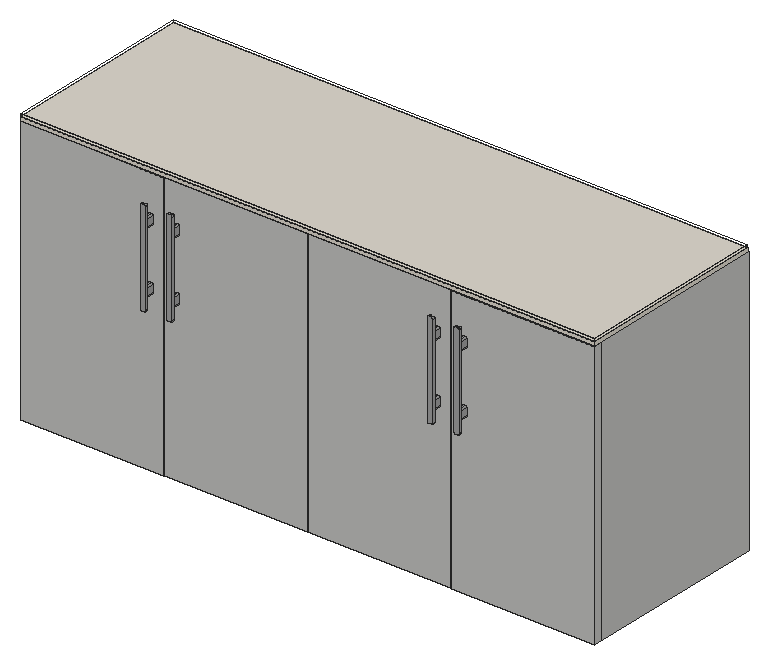
Revit family "Storage-Teknion-CWSC_Credenza_Closed_Cabinet-R2020", category Furniture, Revit 2020 (continued)
Dimensions and locks (in)
  Sweep 29 sketch curve to Sweep 29 sketch curve to Sweep 29 sketch curve to Sweep 29 sketch curve to Sweep 29 sketch curve to Sweep 29 sketch curve to Sweep 29 sketch curve to Sweep 29 sketch curve to Sweep 29 sketch curve to Sweep 29 sketch curve to Sweep 29 sketch curve to Sweep 29 sketch curve to plane 15 to Sweep 29 sketch curve to Sweep 29 sketch curve to Sweep 29 sketch curve to Sweep 29 sketch curve to Sweep 29 sketch curve to Sweep 29 sketch curve to Sweep 29 sketch curve to Sweep 29 sketch curve to Sweep 29 sketch curve to Sweep 29 sketch curve to Sweep 29 sketch curve to Sweep 29 sketch curve = 0.000" locked, 0.14311" locked, 0.000" locked, 0.000" locked, 0.000" locked, 0.11811" locked, 0.000" locked, 0.000" locked, 0.000" locked, 0.14311" locked, 0.000" locked, 1.17579" locked, 1.17579" locked, 0.000" locked, 0.14311" locked, 0.000" locked, 0.000" locked, 0.000" locked, 0.11811" locked, 0.000" locked, 0.000" locked, 0.000" locked, 0.14311" locked, 0.000" locked
  locked: Sweep 30 sketch curve to Sweep 30 sketch curve at 0.19031
  Sweep 30 sketch curve to Sweep 30 sketch curve to Sweep 30 sketch curve to Sweep 30 sketch curve to Sweep 30 sketch curve to Sweep 30 sketch curve to plane 16 to Sweep 30 sketch curve to Sweep 30 sketch curve to Sweep 30 sketch curve to Sweep 30 sketch curve to Sweep 30 sketch curve to Sweep 30 sketch curve = 0.1378" locked, 0.000" locked, 0.27559" locked, 0.000" locked, 0.1378" locked, 1.10327" locked, 1.10131" locked, 0.1378" locked, 0.000" locked, 0.27559" locked, 0.000" locked, 0.1378" locked
  plane 8 "Top" to Sweep 30 sketch curve to Sweep 30 sketch curve to Sweep 30 sketch curve to Sweep 30 sketch curve to Sweep 30 sketch curve to Sweep 30 sketch curve to Sweep 30 sketch curve to Sweep 30 sketch curve to Sweep 30 sketch curve to Sweep 30 sketch curve to Sweep 30 sketch curve to Sweep 30 sketch curve = 3.21717" locked, 0.000" locked, 0.1378" locked, 0.000" locked, 0.000" locked, 0.000" locked, 9.72441" locked, 0.000" locked, 0.000" locked, 0.000" locked, 0.1378" locked, 0.000" locked  (x3)
  plane 8 "Top" to Sweep 31 sketch curve to Sweep 31 sketch curve to Sweep 31 sketch curve to Sweep 31 sketch curve to Sweep 31 sketch curve to Sweep 31 sketch curve to Sweep 31 sketch curve to Sweep 31 sketch curve to Sweep 31 sketch curve to Sweep 31 sketch curve to Sweep 31 sketch curve to Sweep 31 sketch curve to Sweep 31 sketch curve to Sweep 31 sketch curve to Sweep 31 sketch curve to Sweep 31 sketch curve to Sweep 31 sketch curve to Sweep 31 sketch curve to Sweep 31 sketch curve to Sweep 31 sketch curve to Sweep 31 sketch curve to Sweep 31 sketch curve to Sweep 31 sketch curve to Sweep 31 sketch curve = 4.45201" locked, 0.000" locked, 0.14311" locked, 0.000" locked, 0.000" locked, 0.000" locked, 0.7874" locked, 0.000" locked, 0.000" locked, 0.000" locked, 0.14311" locked, 0.000" locked, 5.38338" locked, 0.000" locked, 0.14311" locked, 0.000" locked, 0.000" locked, 0.000" locked, 0.7874" locked, 0.000" locked, 0.000" locked, 0.000" locked, 0.14311" locked, 0.000" locked  (x3)
  Sweep 31 sketch curve to Sweep 31 sketch curve to Sweep 31 sketch curve to Sweep 31 sketch curve to Sweep 31 sketch curve to Sweep 31 sketch curve to Sweep 31 sketch curve to Sweep 31 sketch curve to Sweep 31 sketch curve to Sweep 31 sketch curve to Sweep 31 sketch curve to Sweep 31 sketch curve to plane 16 to Sweep 31 sketch curve to Sweep 31 sketch curve to Sweep 31 sketch curve to Sweep 31 sketch curve to Sweep 31 sketch curve to Sweep 31 sketch curve to Sweep 31 sketch curve to Sweep 31 sketch curve to Sweep 31 sketch curve to Sweep 31 sketch curve to Sweep 31 sketch curve to Sweep 31 sketch curve = 0.000" locked, 0.14311" locked, 0.000" locked, 0.000" locked, 0.000" locked, 0.11811" locked, 0.000" locked, 0.000" locked, 0.000" locked, 0.14311" locked, 0.000" locked, 1.17683" locked, 1.17474" locked, 0.000" locked, 0.14311" locked, 0.000" locked, 0.000" locked, 0.000" locked, 0.11811" locked, 0.000" locked, 0.000" locked, 0.000" locked, 0.14311" locked, 0.000" locked
  Sweep 30 sketch curve to Sweep 30 sketch curve to Sweep 30 sketch curve to Sweep 30 sketch curve to Sweep 30 sketch curve to Sweep 30 sketch curve to plane 17 to Sweep 30 sketch curve to Sweep 30 sketch curve to Sweep 30 sketch curve to Sweep 30 sketch curve to Sweep 30 sketch curve to Sweep 30 sketch curve = 0.1378" locked, 0.000" locked, 0.27559" locked, 0.000" locked, 0.1378" locked, 1.10327" locked, 1.10131" locked, 0.1378" locked, 0.000" locked, 0.27559" locked, 0.000" locked, 0.1378" locked
  Sweep 30 sketch curve to Sweep 30 sketch curve to Sweep 30 sketch curve to Sweep 30 sketch curve to Sweep 30 sketch curve to Sweep 30 sketch curve to plane 3 "Center Left/Right" to Sweep 30 sketch curve to Sweep 30 sketch curve to Sweep 30 sketch curve to Sweep 30 sketch curve to Sweep 30 sketch curve to Sweep 30 sketch curve = 0.1378" locked, 0.000" locked, 0.27559" locked, 0.000" locked, 0.1378" locked, 1.10327" locked, 1.10131" locked, 0.1378" locked, 0.000" locked, 0.27559" locked, 0.000" locked, 0.1378" locked
  Sweep 31 sketch curve to Sweep 31 sketch curve to Sweep 31 sketch curve to Sweep 31 sketch curve to Sweep 31 sketch curve to Sweep 31 sketch curve to Sweep 31 sketch curve to Sweep 31 sketch curve to Sweep 31 sketch curve to Sweep 31 sketch curve to Sweep 31 sketch curve to Sweep 31 sketch curve to plane 17 to Sweep 31 sketch curve to Sweep 31 sketch curve to Sweep 31 sketch curve to Sweep 31 sketch curve to Sweep 31 sketch curve to Sweep 31 sketch curve to Sweep 31 sketch curve to Sweep 31 sketch curve to Sweep 31 sketch curve to Sweep 31 sketch curve to Sweep 31 sketch curve to Sweep 31 sketch curve = 0.000" locked, 0.14311" locked, 0.000" locked, 0.000" locked, 0.000" locked, 0.11811" locked, 0.000" locked, 0.000" locked, 0.000" locked, 0.14311" locked, 0.000" locked, 1.17683" locked, 1.17474" locked, 0.000" locked, 0.14311" locked, 0.000" locked, 0.000" locked, 0.000" locked, 0.11811" locked, 0.000" locked, 0.000" locked, 0.000" locked, 0.14311" locked, 0.000" locked
  Sweep 31 sketch curve to Sweep 31 sketch curve to Sweep 31 sketch curve to Sweep 31 sketch curve to Sweep 31 sketch curve to Sweep 31 sketch curve to Sweep 31 sketch curve to Sweep 31 sketch curve to Sweep 31 sketch curve to Sweep 31 sketch curve to Sweep 31 sketch curve to Sweep 31 sketch curve to plane 3 "Center Left/Right" to Sweep 31 sketch curve to Sweep 31 sketch curve to Sweep 31 sketch curve to Sweep 31 sketch curve to Sweep 31 sketch curve to Sweep 31 sketch curve to Sweep 31 sketch curve to Sweep 31 sketch curve to Sweep 31 sketch curve to Sweep 31 sketch curve to Sweep 31 sketch curve to Sweep 31 sketch curve = 0.000" locked, 0.14311" locked, 0.000" locked, 0.000" locked, 0.000" locked, 0.11811" locked, 0.000" locked, 0.000" locked, 0.000" locked, 0.14311" locked, 0.000" locked, 1.17579" locked, 1.17579" locked, 0.000" locked, 0.14311" locked, 0.000" locked, 0.000" locked, 0.000" locked, 0.11811" locked, 0.000" locked, 0.000" locked, 0.000" locked, 0.14311" locked, 0.000" locked
  Masking region 2 sketch curve to Masking region 2 sketch curve to Masking region 2 sketch curve to Masking region 2 sketch curve to plane 7 "Front" = 0.000" locked, 0.000" locked, 0.000" locked, 0.81363" locked
  Masking region 2 sketch curve to Masking region 2 sketch curve to plane 14 to Masking region 2 sketch curve to Masking region 2 sketch curve = 0.40433" locked, 1.17579" locked, 1.17579" locked, 0.40433" locked
  Masking region 2 sketch curve to Masking region 2 sketch curve to plane 15 to Masking region 2 sketch curve to Masking region 2 sketch curve = 0.40433" locked, 1.17579" locked, 1.17579" locked, 0.40433" locked
  Masking region 3 sketch curve to Masking region 3 sketch curve to plane 15 to Masking region 3 sketch curve to Masking region 3 sketch curve = 0.55118" locked, 1.10236" locked, 1.10236" locked, 0.55118" locked
  Masking region 3 sketch curve to Masking region 3 sketch curve to plane 14 to Masking region 3 sketch curve to Masking region 3 sketch curve = 0.55118" locked, 1.10236" locked, 1.10236" locked, 0.55118" locked
  Masking region 3 sketch curve to Masking region 3 sketch curve to Masking region 3 sketch curve to Masking region 3 sketch curve to plane 7 "Front" = 0.000" locked, 0.19031" locked, 0.000" locked, 0.81363" locked  (x2)
  Masking region 4 sketch curve to Masking region 4 sketch curve to plane 16 to Masking region 4 sketch curve to Masking region 4 sketch curve = 0.40433" locked, 1.17683" locked, 1.17474" locked, 0.40433" locked
  Masking region 4 sketch curve to Masking region 4 sketch curve to plane 3 "Center Left/Right" to Masking region 4 sketch curve to Masking region 4 sketch curve = 0.40433" locked, 1.17579" locked, 1.17579" locked, 0.40433" locked
  Masking region 4 sketch curve to Masking region 4 sketch curve to plane 17 to Masking region 4 sketch curve to Masking region 4 sketch curve = 0.40433" locked, 1.17474" locked, 1.17683" locked, 0.40433" locked
  plane 7 "Front" to Masking region 4 sketch curve to Masking region 4 sketch curve to Masking region 4 sketch curve to Masking region 4 sketch curve to Masking region 4 sketch curve to Masking region 4 sketch curve = 0.81363" locked, 0.000" locked, 0.000" locked, 0.000" locked, 0.000" locked, 0.000" locked
  Masking region 5 sketch curve to Masking region 5 sketch curve to Masking region 5 sketch curve to Masking region 5 sketch curve to Masking region 5 sketch curve to Masking region 5 sketch curve to Masking region 5 sketch curve to Masking region 5 sketch curve to Masking region 5 sketch curve to Masking region 5 sketch curve to Masking region 5 sketch curve to Masking region 5 sketch curve to plane 7 "Front" = 0.000" locked, 0.000" locked, 0.000" locked, 0.000" locked, 0.000" locked, 0.19031" locked, 0.000" locked, 0.000" locked, 0.000" locked, 0.000" locked, 0.000" locked, 0.81363" locked
  Masking region 5 sketch curve to Masking region 5 sketch curve to plane 16 to Masking region 5 sketch curve to Masking region 5 sketch curve = 0.55118" locked, 1.10327" locked, 1.10131" locked, 0.55118" locked
  Masking region 5 sketch curve to Masking region 5 sketch curve to plane 3 "Center Left/Right" to Masking region 5 sketch curve to Masking region 5 sketch curve = 0.55118" locked, 1.10327" locked, 1.10131" locked, 0.55118" locked
  Masking region 5 sketch curve to Masking region 5 sketch curve to plane 17 to Masking region 5 sketch curve to Masking region 5 sketch curve = 0.55118" locked, 1.10131" locked, 1.10327" locked, 0.55118" locked
  locked: plane 7 "Front" to curve 3 at 0.80315
  plane 4 "Left" to curve 4 to curve 5 = 0.72441" locked, 0.000" locked
  curve 4 to curve 5 to plane 5 "Right" = 0.000" locked, 0.72441" locked
  plane 6 "Back" to curve 4 to curve 5 = 2.000" locked, 0.72047" locked
  locked: plane 7 "Front" to curve 6 at 0.72441
  plane 7 "Front" to Sweep 27 sketch curve to Sweep 27 sketch curve to Sweep 27 sketch curve to Sweep 27 sketch curve = 2.5525" locked, 0.000" locked, 0.000" locked, 0.000" locked
  plane 7 "Front" to Sweep 26 sketch curve to Sweep 26 sketch curve = 2.5525" locked, 0.000" locked
  locked: plane 6 "Back" to plane 18 at 2.72047
  locked: plane 7 "Front" to plane 19 at 0.80315
  curve 10 to plane 12 to curve 11 = 0.72441" locked, 0.72441" locked
  curve 12 to plane 13 to curve 13 = 0.72441" locked, 0.72441" locked
  curve 14 to plane 3 "Center Left/Right" to curve 15 = 0.72441" locked, 0.72441" locked
  curve 24 to plane 17 to curve 25 = 0.03937" locked, 0.03937" locked
  curve 22 to plane 15 to curve 23 = 0.03937" locked, 0.03937" locked
  curve 20 to plane 3 "Center Left/Right" to curve 21 = 0.03937" locked, 0.03937" locked
  curve 18 to plane 14 to curve 19 = 0.03937" locked, 0.03937" locked
  curve 16 to plane 16 to curve 17 = 0.03937" locked, 0.03937" locked
  plane 18 to curve 26 to curve 27 to curve 28 to curve 33 to curve 41 to curve 36 to curve 35 to curve 34 = 1.0293" locked, 0.000" locked, 0.000" locked, 0.000" locked, 0.000" locked, 0.000" locked, 0.000" locked, 0.000" locked
  plane 19 to curve 29 to curve 30 to curve 31 to curve 32 to curve 40 to curve 39 to curve 38 to curve 37 = 1.74935" locked, 0.000" locked, 0.000" locked, 0.000" locked, 0.000" locked, 0.000" locked, 0.000" locked, 0.000" locked
  plane 4 "Left" to curve 26 to curve 29 = 1.7205" locked, 0.000" locked
  curve 30 to curve 27 to plane 12 to curve 31 to curve 28 = 0.000" locked, 1.7205" locked, 1.7205" locked, 0.000" locked
  curve 33 to curve 32 to plane 3 "Center Left/Right" to curve 41 to curve 40 = 0.000" locked, 1.7205" locked, 1.7205" locked, 0.000" locked
  curve 36 to curve 39 to plane 13 to curve 35 to curve 38 = 0.000" locked, 1.7205" locked, 1.7205" locked, 0.000" locked
  curve 34 to curve 37 to plane 5 "Right" = 0.000" locked, 1.7205" locked
  locked: Sweep 32 sketch curve to plane 10 "Bottom of Top Surface" at 0.38
  aligned and locked: level to plane 2
  aligned and locked: plane 3 "Center Left/Right" to Sweep 1 sketch curve
  aligned and locked: plane 8 "Top" to Sweep 1 sketch curve
  aligned and locked: Sweep 1 sketch curve to plane 6 "Back"
  aligned and locked: plane 4 "Left" to Sweep 1 sketch curve
  aligned and locked: plane 5 "Right" to Sweep 1 sketch curve
  aligned and locked: Sweep 1 sketch curve to plane 7 "Front"
  aligned and locked: plane 3 "Center Left/Right" to Sweep 2 sketch curve
  aligned and locked: plane 10 "Bottom of Top Surface" to Sweep 2 sketch curve
  aligned and locked: plane 9 "Bottom of Cabinet" to Sweep 2 sketch curve
  aligned and locked: Sweep 2 sketch curve to plane 5 "Right"
  aligned and locked: plane 4 "Left" to Sweep 2 sketch curve
  aligned and locked: Sweep 2 sketch curve to plane 6 "Back"
  aligned and locked: plane 6 "Back" to Sweep 2 sketch curve
  aligned and locked: plane 3 "Center Left/Right" to Sweep 3 sketch curve  (x2)
  aligned and locked: plane 7 "Front" to Sweep 3 sketch curve
  aligned and locked: Sweep 3 sketch curve to plane 11 "Top of Drawers"  (x2)
  aligned and locked: plane 4 "Left" to Sweep 3 sketch curve
  aligned and locked: plane 9 "Bottom of Cabinet" to Sweep 3 sketch curve  (x2)
  aligned and locked: plane 9 "Bottom of Cabinet" to Sweep 4 sketch curve
  aligned and locked: plane 3 "Center Left/Right" to Sweep 4 sketch curve
  aligned and locked: Sweep 4 sketch curve to plane 3 "Center Left/Right"
  aligned and locked: plane 9 "Bottom of Cabinet" to Sweep 5 sketch curve
  aligned and locked: plane 3 "Center Left/Right" to Sweep 5 sketch curve  (x2)
  aligned and locked: plane 3 "Center Left/Right" to Sweep 6 sketch curve
  aligned and locked: plane 9 "Bottom of Cabinet" to Sweep 6 sketch curve
  aligned and locked: Sweep 6 sketch curve to plane 12
  aligned and locked: plane 3 "Center Left/Right" to Sweep 7 sketch curve
  aligned and locked: plane 9 "Bottom of Cabinet" to Sweep 7 sketch curve
  aligned and locked: plane 12 to Sweep 7 sketch curve
  aligned and locked: Sweep 7 sketch curve to plane 13
  aligned and locked: plane 3 "Center Left/Right" to Sweep 8 sketch curve
  aligned and locked: plane 9 "Bottom of Cabinet" to Sweep 8 sketch curve
  aligned and locked: plane 13 to Sweep 8 sketch curve
  aligned and locked: plane 7 "Front" to Sweep 9 sketch curve
  aligned and locked: plane 3 "Center Left/Right" to Sweep 9 sketch curve  (x2)
  aligned and locked: plane 5 "Right" to Sweep 9 sketch curve
  aligned and locked: Sweep 9 sketch curve to plane 9 "Bottom of Cabinet"
  aligned and locked: Sweep 9 sketch curve to plane 11 "Top of Drawers"  (x2)
  aligned and locked: plane 9 "Bottom of Cabinet" to Sweep 9 sketch curve
  aligned and locked: plane 7 "Front" to Sweep 10 sketch curve
  aligned and locked: plane 3 "Center Left/Right" to Sweep 10 sketch curve
  aligned and locked: plane 12 to Sweep 10 sketch curve
  aligned and locked: plane 4 "Left" to Sweep 10 sketch curve
  aligned and locked: plane 9 "Bottom of Cabinet" to Sweep 10 sketch curve
  aligned and locked: Sweep 10 sketch curve to plane 9 "Bottom of Cabinet"
  aligned and locked: plane 11 "Top of Drawers" to Sweep 10 sketch curve
  aligned and locked: Sweep 10 sketch curve to plane 11 "Top of Drawers"
  aligned and locked: plane 3 "Center Left/Right" to Sweep 11 sketch curve
  aligned and locked: plane 7 "Front" to Sweep 11 sketch curve
  aligned and locked: Sweep 11 sketch curve to plane 9 "Bottom of Cabinet"  (x2)
  aligned and locked: plane 11 "Top of Drawers" to Sweep 11 sketch curve
  aligned and locked: Sweep 11 sketch curve to plane 11 "Top of Drawers"
  aligned and locked: Sweep 11 sketch curve to plane 12
  aligned and locked: plane 13 to Sweep 11 sketch curve
  aligned and locked: plane 7 "Front" to Sweep 12 sketch curve
  aligned and locked: plane 3 "Center Left/Right" to Sweep 12 sketch curve
  aligned and locked: plane 13 to Sweep 12 sketch curve
  aligned and locked: plane 5 "Right" to Sweep 12 sketch curve
  aligned and locked: plane 9 "Bottom of Cabinet" to Sweep 12 sketch curve
  aligned and locked: Sweep 12 sketch curve to plane 9 "Bottom of Cabinet"
  aligned and locked: Sweep 12 sketch curve to plane 11 "Top of Drawers"  (x2)
  aligned and locked: plane 3 "Center Left/Right" to Sweep 13 sketch curve
  aligned and locked: plane 6 "Back" to Sweep 13 sketch curve
  aligned and locked: Sweep 13 sketch curve to plane 10 "Bottom of Top Surface"
  aligned and locked: Sweep 13 sketch curve to plane 3 "Center Left/Right"
  aligned and locked: plane 6 "Back" to Sweep 14 sketch curve
  aligned and locked: plane 3 "Center Left/Right" to Sweep 14 sketch curve  (x2)
  aligned and locked: Sweep 14 sketch curve to plane 10 "Bottom of Top Surface"
  aligned and locked: plane 6 "Back" to Sweep 15 sketch curve
  aligned and locked: plane 3 "Center Left/Right" to Sweep 15 sketch curve
  aligned and locked: plane 12 to Sweep 15 sketch curve
  aligned and locked: plane 10 "Bottom of Top Surface" to Sweep 15 sketch curve
  aligned and locked: plane 13 to Sweep 15 sketch curve
  aligned and locked: Sweep 15 sketch curve to plane 10 "Bottom of Top Surface"
  aligned and locked: plane 3 "Center Left/Right" to Sweep 16 sketch curve
  aligned and locked: plane 6 "Back" to Sweep 16 sketch curve
  aligned and locked: Sweep 16 sketch curve to plane 10 "Bottom of Top Surface"
  aligned and locked: plane 12 to Sweep 16 sketch curve
  aligned and locked: Sweep 16 sketch curve to plane 13
  aligned and locked: plane 3 "Center Left/Right" to Sweep 17 sketch curve
  aligned and locked: plane 3 "Center Left/Right" to Sweep 18 sketch curve
  aligned and locked: plane 9 "Bottom of Cabinet" to Sweep 19 sketch curve  (x2)
  aligned and locked: plane 3 "Center Left/Right" to Sweep 19 sketch curve
  aligned and locked: plane 3 "Center Left/Right" to Sweep 20 sketch curve
  aligned and locked: Sweep 20 sketch curve to plane 9 "Bottom of Cabinet"  (x3)
  aligned and locked: plane 3 "Center Left/Right" to Sweep 21 sketch curve
  aligned and locked: plane 9 "Bottom of Cabinet" to Sweep 21 sketch curve
  aligned and locked: Sweep 21 sketch curve to plane 3 "Center Left/Right"
  aligned and locked: plane 3 "Center Left/Right" to Sweep 22 sketch curve  (x2)
  aligned and locked: plane 9 "Bottom of Cabinet" to Sweep 22 sketch curve
  aligned and locked: plane 3 "Center Left/Right" to Sweep 23 sketch curve
  aligned and locked: Sweep 23 sketch curve to plane 12
  aligned and locked: Sweep 23 sketch curve to plane 13
  aligned and locked: plane 9 "Bottom of Cabinet" to Sweep 23 sketch curve
  aligned and locked: Sweep 23 sketch curve to plane 9 "Bottom of Cabinet"
  aligned and locked: plane 3 "Center Left/Right" to Sweep 24 sketch curve
  aligned and locked: plane 12 to Sweep 24 sketch curve
  aligned and locked: plane 13 to Sweep 24 sketch curve
  aligned and locked: plane 9 "Bottom of Cabinet" to Sweep 24 sketch curve
  aligned and locked: Sweep 24 sketch curve to plane 9 "Bottom of Cabinet"
  aligned and locked: plane 3 "Center Left/Right" to Sweep 25 sketch curve
  aligned and locked: level to Sweep 25 sketch curve
  aligned and locked: level to Sweep 26 sketch curve
  aligned and locked: plane 3 "Center Left/Right" to Sweep 26 sketch curve
  aligned and locked: level to Sweep 27 sketch curve
  aligned and locked: plane 3 "Center Left/Right" to Sweep 27 sketch curve
  aligned and locked: plane 3 "Center Left/Right" to Sweep 28 sketch curve
  aligned and locked: plane 3 "Center Left/Right" to Sweep 29 sketch curve
  aligned and locked: plane 7 "Front" to Sweep 29 sketch curve
  aligned and locked: plane 4 "Left" to Masking region 1 sketch curve
  aligned and locked: Masking region 1 sketch curve to plane 6 "Back"
  aligned and locked: plane 5 "Right" to Masking region 1 sketch curve
  aligned and locked: Masking region 1 sketch curve to plane 7 "Front"
  aligned and locked: plane 7 "Front" to Masking region 2 sketch curve  (x4)
  aligned and locked: plane 7 "Front" to Masking region 4 sketch curve  (x6)
  aligned and locked: plane 4 "Left" to curve 3
  aligned and locked: plane 5 "Right" to curve 3
  aligned and locked: plane 4 "Left" to curve 6
  aligned and locked: plane 5 "Right" to curve 6
  aligned and locked: plane 6 "Back" to curve 7
  aligned and locked: plane 6 "Back" to curve 8
  aligned and locked: plane 7 "Front" to curve 7
  aligned and locked: plane 7 "Front" to curve 8
  aligned and locked: curve 7 to plane 12
  aligned and locked: plane 13 to curve 8
  aligned and locked: plane 6 "Back" to curve 9
  aligned and locked: plane 7 "Front" to curve 9
  aligned and locked: curve 9 to plane 3 "Center Left/Right"
  aligned and locked: plane 18 to curve 10
  aligned and locked: plane 19 to curve 11
  aligned and locked: curve 42 to plane 4 "Left"
  aligned and locked: curve 43 to plane 6 "Back"
  aligned and locked: plane 5 "Right" to curve 44
  aligned and locked: plane 7 "Front" to curve 45
  aligned and locked: plane 8 "Top" to Sweep 33 sketch curve
  aligned and locked: Sweep 32 to Sweep 33 sketch curve
  aligned and locked: plane 10 "Bottom of Top Surface" to Sweep 32 sketch curve
  aligned and locked: plane 4 "Left" to Sweep 33 sketch curve
  aligned and locked: Sweep 33 sketch curve to plane 6 "Back"
  aligned and locked: Sweep 33 sketch curve to plane 7 "Front"
  aligned and locked: plane 5 "Right" to Sweep 33 sketch curve
  aligned and locked: Sweep 32 sketch curve to plane 6 "Back"
  aligned and locked: plane 4 "Left" to Sweep 32 sketch curve
  aligned and locked: plane 5 "Right" to Sweep 32 sketch curve
  aligned and locked: Sweep 32 sketch curve to plane 7 "Front"
Automatic sketch dimensions
  Sweep 30 sketch curve to plane 3 "Center Left/Right" = 0.000"
  plane 7 "Front" to Sweep 30 sketch curve = 1.00394"
  Sweep 31 sketch curve to plane 3 "Center Left/Right" = 0.000"
  plane 7 "Front" to Sweep 31 sketch curve = 0.000"
  Sweep 31 sketch curve to Sweep 31 sketch curve = 0.81363"
  plane 7 "Front" to curve 17 = 0.000"
  plane 7 "Front" to curve 24 = 0.000"
  plane 7 "Front" to curve 23 = 0.000"
  plane 7 "Front" to curve 22 = 0.000"
  plane 7 "Front" to curve 21 = 0.000"
  plane 7 "Front" to curve 20 = 0.000"
  plane 7 "Front" to curve 19 = 0.000"
  plane 7 "Front" to curve 18 = 0.000"
  plane 7 "Front" to curve 16 = 0.000"
  plane 7 "Front" to curve 25 = 0.000"
  curve 2 to plane 6 "Back" = 0.000"
  curve 1 to plane 6 "Back" = 0.000"
  Sweep 32 sketch curve to plane 3 "Center Left/Right" = 0.000"
  Sweep 33 sketch curve to plane 3 "Center Left/Right" = 0.000"
  radius of Sweep 25 sketch curve = 0.500"  (x4)
  radius of Sweep 26 sketch curve = 0.500"  (x4)
  radius of Sweep 27 sketch curve = 0.500"  (x8)
  radius of curve 26 = 0.500"
  radius of curve 27 = 0.500"
  radius of curve 28 = 0.500"
  radius of curve 29 = 0.500"
  radius of curve 30 = 0.500"
  radius of curve 31 = 0.500"
  radius of curve 32 = 0.500"
  radius of curve 33 = 0.500"
  radius of curve 34 = 0.500"
  radius of curve 35 = 0.500"
  radius of curve 36 = 0.500"
  radius of curve 37 = 0.500"
  radius of curve 38 = 0.500"
  radius of curve 39 = 0.500"
  radius of curve 40 = 0.500"
  radius of curve 41 = 0.500"
Types (5): name | Top Finish Note | Top Finish | Solid Top Visibility | Glass Top Visibility | Description
  (no name) | "Choose a Backpainted glass finish below" | Back-painted Glass - K1 - Teknion - Storm White | no | yes | "Custom Wood Credenza, 1/2\" Top, Closed Cabinet, Backpainted Glass Top"
  Has White Solid Surface | "Choose Glacier White below" | Wood - Teknion - MV - Solid Surface - Glacier White | yes | no | "Custom Wood Credenza, 1/2\" Top, Closed Cabinet, White Solid Surface Top"
  Has Grey Solid Surface Top | "Choose either a Silver Grey or Elegant Grey finish below" | Wood - Teknion - MM - Solid Surface - Elegant Grey | yes | no | "Custom Wood Credenza, 1/2\" Top, Closed Cabinet, Grey Solid Surface Top"
  Has Backpainted Glass Top | "Choose a Backpainted glass finish below" | Back-painted Glass - K1 - Teknion - Storm White | no | yes | "Custom Wood Credenza, 1/2\" Top, Closed Cabinet, Backpainted Glass Top"
  Has Veneer Top | "Choose a Veneer Finish below" | Wood - Teknion - DV - Sierra (Horizontal Grain) | yes | no | "Custom Wood Credenza, 1/2\" Top, Closed Cabinet, Veneer Top"
